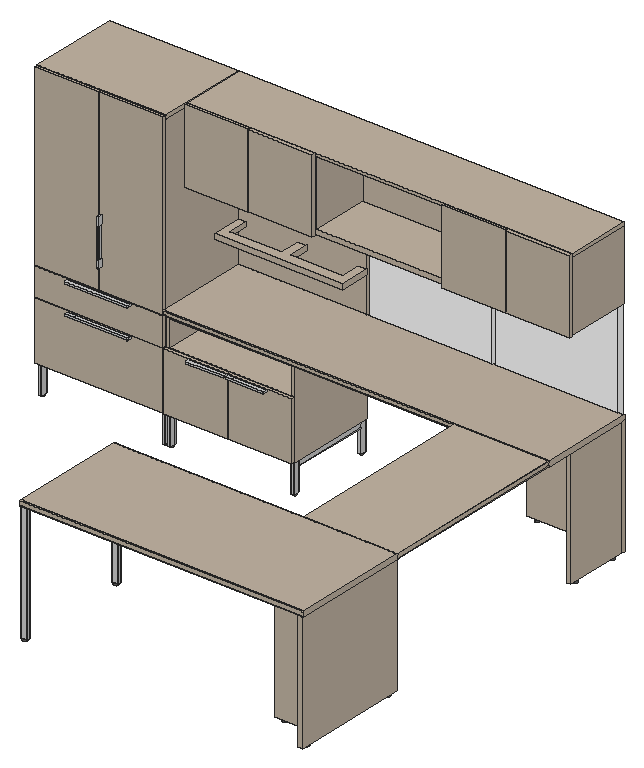
Revit family "FLT011", category Furniture, Revit 2019
Family settings
  OmniClass Number = 23.40.20.00
  OmniClass Title = General Furniture and Specialties
  Work Plane-Based = No
  Always vertical = Yes
  Cut with Voids When Loaded = No
  Shared = No
  Room Calculation Point = No
Reference planes (in)
  plane 1 "Center Front/Back": y = 0
  plane 2: z = 0
  plane 3 "Center Left/Right": x = 0
Dimensions and locks (in)
  aligned and locked: level to plane 2
Nested families (in)
  nested 1: "JSI-Flux-Rec_Tbl_Desk-Leg_Asmbly" at (-35.82762, -82.75, 0) x (-1, 0, 0) z (0, 0, 1), type "FLT2866PDNEP, 66 x 28 Pen Tbl Dsk, Laminate"
    with Width 5' - 6", Depth 2' - 3 1/2"
  nested 2: "JSI-Flux-Bridge" at (-10.46708, -58.06413, -1.18107) x (0, -1, 0) z (0, 0, 1), type "FLT2244EB, Bridge, Laminate"
    with Width 3' - 8"
  nested 3: "JSI-Flux- Lt_Pdst_Pm_Ht" at (-58.6252, -10.75, 0), type "FLT2230-29LM8, Pdst Opn Cmprt, Pm Ht, 2Dr, Laminate"
    with V_Void_Dist 0' - 0", Top Pull Height 1' - 1 31/64", Top Door no, Width 2' - 6", Single Door Line no, Shelf yes, Right Pull Dist 1' - 3 7/32", M8 yes, M5 no, Leg Width 2' - 6", Left Pull Dist 1' - 2 25/32", Grommet Dist 2' - 7", Db Doors Line yes, Bottom Pull Dist 0' - 10 37/64", Bottom Pull no
  nested 4: "JSI-Flux-Modular_Top" at (-53.65295, -10.75, 0), type "FLT2290MCT,  22 x 90 Mod Cred Top, Sec Sup, Laminate"
    with Width 7' - 6"
  nested 5: "JSI-Flux-Wall_Mount_OH_Cab_Opn_Compt" at (-53.63685, -10.75, 23.21069), type "FLT1690-17WSMO,Wall Mount OH Cab Opn Cntr, 4 Dr, Laminate"
    with Width 7' - 5 7/8", Partition Distance_R 2' - 5 9/16", Partition Distance_L 2' - 5 9/16", Door Width 1' - 2 7/8", Door Array Distance 1' - 3"
  nested 6: "JSI-Flux-Wall_Mount_Tack_Panel" at (5.5919, -8.47343, -1.05673), type "FLB3024WT, Wall Mount Tack Panel"
    with Width 2' - 6", Height 2' - 0", Depth 0' - 1.56"
  nested 7: "JSI-Flux-Workwall_Panel" at (-53.63685, -9.28593, -1.05063), type "FLT3024WPFF, Workwall Panel File Shelf, Laminate"
    with Width 2' - 6", Tray no, Tray_V_Dist 0' - 10 17/32", Tr no, Support Width 1' - 6", Tray_H_Dist 0' - 8 1/32", R_Bracket_V_Dist 0' - 0", R_Bracket Dist 0' - 1 13/16", R_Bracket yes, L_Bracket_V_Dist 0' - 0", L_Bracket yes, Cup Dist 0' - 10 17/32", Cup_H_Dist 2' - 1", Cup no, Clip no, Clip Dist 1' - 7", L_Bracket Dist 0' - 1 13/16", Acc no
  nested 8: "JSI-Flux-Wb_Fls_Lg_Pm_Ht" at (-83.69935, -10.75, 0), type "FLT2230-69L6D, BF Strg Cab, Fls Lg, Laminate"
    with W yes, V_Void_Dist 0' - 2", V_Pull_R_L no, V_Pull_L_L yes, Top_V_Void_Dist 0' - 0", Top_Pull_Dist 0' - 7 21/32", Top_2_Pull_Dist 2' - 8 1/16", R_Vertical_Pull_Dist 1' - 3 7/8", Pull_Width 1' - 2 3/4", Partition no, Leg_Width 2' - 6 1/16", L_Vertical_Pull_Dist 1' - 3 5/16", Hngr_L no, Hanger_Dist 1' - 11 9/32", H_Void_Width 2' - 6 1/16", H_Void_Upper_Dist 0' - 2", H_Dist_V_Void 1' - 2 31/32", Top_Shelf_Width 2' - 4 1/2", Width 2' - 6 1/16", Partition Dist 1' - 11 9/32", H_Dist_Bottom_Shelf 0' - 0", F0 no, F no, Door Line yes, C_Shelf_Width 2' - 4 1/2", C_Pull_Dist 0' - 7 21/32", Bottom_Shelf_Width 2' - 4 1/2", Bottom_Pull_Dist 0' - 7 21/32"
  nested 9: "JSI-Flux-Wall_Mount_Tack_Panel" at (-23.63685, -8.50444, -1.06958), type "FLB3024WT, Wall Mount Tack Panel"
    with Width 2' - 6", Height 2' - 0", Depth 0' - 1.56"
  nested 10: "JSI-Flux-Md_Crdnz_Wg_End_Sup" at (-10.46708, -36.06413, 0) x (0, -1, 0) z (0, 0, 1), type "FLT2216WEAR, Md Crdnz Wg End Sup, R, Laminate"
    with Width 1' - 3 5/8", R yes, L no, End_Panel_Dist 0' - 0", Back_Panel_Width 1' - 2 3/4", Back_Panel_Dist 0' - 0 7/8"
Definition of nested family "JSI-Flux-Rec_Tbl_Desk-Leg_Asmbly"
  Parameters (values of type "Type Catalog Family -Table Desk Leg Asmbly")
    Worksurface = none
    Width = 5' - 0"
    URL = "www.jsifurniture.com"
    Type Comments = ""
    Series = "FLUX"  # constant formula
    Model = "FLT3466PDNEP"
    Material = ""
    Manufacturer = "JSI"  # constant formula
    Keynote = "12500"
    JSI Enviromental Website = "http://www.jsifurniture.com/jsi_sustainability_intro.php"
    Height = 2' - 5"
    Glides = none
    Frame = none
    Description = "66 X 34 Rectangular Peninsula Table Desk with End Leg Assembly and Panel End"
    Depth = 2' - 9 1/2"
    Chassis = none
    Assembly Code = "E2020200"
  Reference planes (in)
    plane 1: z = 0
    plane 2 "Center (Left/Right)": x = -36.06413
    plane 3: z = 29
    plane 4: z = 27.8125
    plane 5 "Center (Front/Back)": y = 10.75
    plane 6: z = 0.3125
    plane 7: y = -22.75
    plane 8: x = 23.93587
  Forms (in)
    Extrusion 1, solid, material <- "Chassis"
      sketch origin (84, 10.625, 0.3125) x (0, 1, 0) y (-1, 0, 0)
        loop
          line (0, 118.75163) -> (0, 119.93913) -> (-33.25, 119.93913) -> (-33.25, 118.75163) -> (-27.4375, 118.75163) -> (-27.4375, 108.75163) -> (-26.25, 108.75163) -> (-26.25, 118.75163) -> (-7, 118.75163) -> (-7, 108.75163) -> (-5.8125, 108.75163) -> (-5.8125, 118.75163) -> (0, 118.75163)
      from 0 to 27.5
    Extrusion 2, solid, material <- "Frame"
      sketch origin (84, 10.625, 0.3125) x (0, 1, 0) y (-1, 0, 0)
        loop
          line (0, 60.25163) -> (0, 61.50163)
          arc (0, 61.50163) -> (-0.03661, 61.59002) -> (-0.125, 61.62663) r 0.125
          line (-0.125, 61.62663) -> (-0.625, 61.62663)
          arc (-0.625, 61.62663) -> (-0.71339, 61.59002) -> (-0.75, 61.50163) r 0.125
          line (-0.75, 61.50163) -> (-0.75, 60.25163)
          arc (-0.75, 60.25163) -> (-0.71339, 60.16325) -> (-0.625, 60.12663) r 0.125
          line (-0.625, 60.12663) -> (-0.125, 60.12663)
          arc (-0.125, 60.12663) -> (-0.03661, 60.16325) -> (0, 60.25163) r 0.125
        loop
          line (-32.5, 60.25163) -> (-32.5, 61.50163)
          arc (-32.5, 61.50163) -> (-32.53661, 61.59002) -> (-32.625, 61.62663) r 0.125
          line (-32.625, 61.62663) -> (-33.125, 61.62663)
          arc (-33.125, 61.62663) -> (-33.21339, 61.59002) -> (-33.25, 61.50163) r 0.125
          line (-33.25, 61.50163) -> (-33.25, 60.25163)
          arc (-33.25, 60.25163) -> (-33.21339, 60.16325) -> (-33.125, 60.12663) r 0.125
          line (-33.125, 60.12663) -> (-32.625, 60.12663)
          arc (-32.625, 60.12663) -> (-32.53661, 60.16325) -> (-32.5, 60.25163) r 0.125
      from 0 to 27.5
    Extrusion 3, solid, material <- "Worksurface"
      sketch origin (0, 0, 0) x (0, 1, 0) y (0, 0, 1)
        loop
          arc (10.625, 27.8125) -> (10.71339, 27.84911) -> (10.75, 27.9375) r 0.125
          line (10.75, 27.9375) -> (10.75, 28.875)
          arc (10.75, 28.875) -> (10.71339, 28.96339) -> (10.625, 29) r 0.125
          line (10.625, 29) -> (-22.625, 29)
          arc (-22.625, 29) -> (-22.71339, 28.96339) -> (-22.75, 28.875) r 0.125
          line (-22.75, 28.875) -> (-22.75, 27.9375)
          arc (-22.75, 27.9375) -> (-22.71339, 27.84911) -> (-22.625, 27.8125) r 0.125
          line (-22.625, 27.8125) -> (10.625, 27.8125)
      from -36.06413 to 23.93587
    Extrusion 4, solid, material <- "Frame"
      sketch origin (0, 0, 0) x (1, 0, 0) y (0, 0, 1)
        loop
          arc (23.24837, 27.8125) -> (23.15998, 27.77589) -> (23.12337, 27.6875) r 0.125
          line (23.12337, 27.6875) -> (23.12337, 26.4375)
          arc (23.12337, 26.4375) -> (23.15998, 26.34911) -> (23.24837, 26.3125) r 0.125
          line (23.24837, 26.3125) -> (23.74837, 26.3125)
          arc (23.74837, 26.3125) -> (23.83675, 26.34911) -> (23.87337, 26.4375) r 0.125
          line (23.87337, 26.4375) -> (23.87337, 27.6875)
          arc (23.87337, 27.6875) -> (23.83675, 27.77589) -> (23.74837, 27.8125) r 0.125
          line (23.74837, 27.8125) -> (23.24837, 27.8125)
      from -9.875 to 21.875
    Extrusion 5, solid, material <- "Glides"
      sketch origin (0, 0, 0) x (1, 0, 0) y (0, 1, 0)
        loop
          circle (-35.34216, 8.87431) r 0.55846
        loop
          circle (-26.50726, 4.22173) r 0.55846
        loop
          circle (-35.34216, -20.87431) r 0.55846
        loop
          circle (-26.50726, -16.22173) r 0.55846
      from 0 to 0.3125
    Extrusion 6, solid, material <- "Glides"
      sketch origin (59, 0, 0) x (1, 0, 0) y (0, 1, 0)
        loop
          circle (-35.85735, 10.25072) r 0.55846
        loop
          circle (-35.85735, -22.25072) r 0.55846
      from 0 to 0.3125
  Lines and regions (in)
    symbolic lines
      curve 1: line (-36.06413, -22.75, 0) -> (23.93587, -22.75, 0)
      curve 2: line (-36.06413, 10.75, 0) -> (-36.06413, -22.75, 0)
      curve 3: line (23.93587, 10.75, 0) -> (-36.06413, 10.75, 0)
      curve 4: line (23.93587, -22.75, 0) -> (23.93587, 10.75, 0)
    symbolic lines, detail levels medium+fine
      curve 5: line (-35.93913, 10.625, 0) -> (-35.93913, -22.625, 0)
      curve 6: line (-34.75163, 10.625, 0) -> (-35.93913, 10.625, 0)
      curve 7: line (-34.75163, 4.8125, 0) -> (-34.75163, 10.625, 0)
      curve 8: line (-24.75163, 4.8125, 0) -> (-34.75163, 4.8125, 0)
      curve 9: line (-24.75163, 3.625, 0) -> (-24.75163, 4.8125, 0)
      curve 10: line (-34.75163, 3.625, 0) -> (-24.75163, 3.625, 0)
      curve 11: line (-34.75163, -15.625, 0) -> (-34.75163, 3.625, 0)
      curve 12: line (-24.75163, -15.625, 0) -> (-34.75163, -15.625, 0)
      curve 13: line (-24.75163, -16.8125, 0) -> (-24.75163, -15.625, 0)
      curve 14: line (-34.75163, -16.8125, 0) -> (-24.75163, -16.8125, 0)
      curve 15: line (-34.75163, -22.625, 0) -> (-34.75163, -16.8125, 0)
      curve 16: line (-35.93913, -22.625, 0) -> (-34.75163, -22.625, 0)
      curve 17: line (23.87337, 10.625, 0) -> (22.37337, 10.625, 0)
      curve 18: line (22.37337, 9.875, 0) -> (23.87337, 9.875, 0)
      curve 19: line (23.87337, 9.875, 0) -> (23.87337, 10.625, 0)
      curve 20: line (22.37337, 10.625, 0) -> (22.37337, 9.875, 0)
      curve 21: line (22.37337, -22.625, 0) -> (23.87337, -22.625, 0)
      curve 22: line (23.87337, -21.875, 0) -> (22.37337, -21.875, 0)
      curve 23: line (22.37337, -21.875, 0) -> (22.37337, -22.625, 0)
      curve 24: line (23.87337, -22.625, 0) -> (23.87337, -21.875, 0)
  Dimensions and locks (in)
    locked: plane 6 to level at 0.3125
    "Depth": plane 7 to plane 5 "Center (Front/Back)"
    locked: plane 3 to plane 4 at 1.1875
    plane 3 to level = 2' - 5"
    "Width": plane 2 "Center (Left/Right)" to plane 8
    Extrusion 2 sketch curve to Extrusion 2 sketch curve to plane 8 = 0' - 1 1/2" locked, 0' - 0 1/16" locked  (x2)
    Extrusion 2 sketch curve to Extrusion 2 sketch curve to plane 5 "Center (Front/Back)" = 0' - 0 3/4" locked, 0' - 0 1/8" locked
    Extrusion 2 sketch curve to Extrusion 2 sketch curve to plane 7 = 0' - 0 3/4" locked, 0' - 0 1/8" locked
    plane 2 "Center (Left/Right)" to Extrusion 1 sketch curve to Extrusion 1 sketch curve to Extrusion 1 sketch curve = 0' - 0 1/8" locked, 0' - 1 3/16" locked, 0' - 10" locked
    locked: Extrusion 1 sketch curve to plane 5 "Center (Front/Back)" at 0.125
    locked: plane 7 to Extrusion 1 sketch curve at 0.125
    plane 8 to Extrusion 4 sketch curve to Extrusion 4 sketch curve = 0' - 0 1/16" locked, 0' - 0 3/4" locked
    locked: plane 4 to Extrusion 4 sketch curve at 1.5
    Extrusion 5 sketch curve to Extrusion 5 sketch curve to plane 5 "Center (Front/Back)" = 0' - 4.65258" locked, 0' - 1.87569" locked
    Extrusion 5 sketch curve to Extrusion 5 sketch curve to plane 2 "Center (Left/Right)" = 0' - 8.8349" locked, 0' - 0.72197" locked
    plane 7 to Extrusion 5 sketch curve to Extrusion 5 sketch curve = 0' - 1.87569" locked, 0' - 4.65258" locked
    plane 2 "Center (Left/Right)" to Extrusion 5 sketch curve to Extrusion 5 sketch curve = 0' - 0.72197" locked, 0' - 8.8349" locked
    locked: Extrusion 6 sketch curve to plane 8 at 0.79322  (x2)
    locked: Extrusion 6 sketch curve to plane 5 "Center (Front/Back)" at 0.49928
    locked: plane 7 to Extrusion 6 sketch curve at 0.49928
    aligned and locked: level to plane 1
    aligned and locked: plane 4 to Extrusion 1
    aligned and locked: plane 4 to Extrusion 2
    aligned and locked: Extrusion 1 to plane 6
    aligned and locked: Extrusion 2 to plane 6
    aligned and locked: Extrusion 3 sketch curve to plane 5 "Center (Front/Back)"
    aligned and locked: plane 3 to Extrusion 3 sketch curve
    aligned and locked: Extrusion 3 sketch curve to plane 4
    aligned and locked: plane 7 to Extrusion 3 sketch curve
    aligned and locked: Extrusion 3 to plane 2 "Center (Left/Right)"
    aligned and locked: plane 8 to Extrusion 3
    aligned and locked: Extrusion 1 sketch curve to Extrusion 1 sketch curve  (x3)
    aligned and locked: Extrusion 4 sketch curve to plane 4
    aligned and locked: Extrusion 4 to Extrusion 2  (x2)
    aligned and locked: Extrusion 5 to level
    aligned and locked: plane 6 to Extrusion 5
    aligned and locked: curve 2 to plane 2 "Center (Left/Right)"
    aligned and locked: plane 8 to curve 4
    aligned and locked: curve 3 to plane 5 "Center (Front/Back)"
    aligned and locked: plane 7 to curve 1
    aligned and locked: curve 5 to Extrusion 1
    aligned and locked: curve 6 to Extrusion 1
    aligned and locked: curve 7 to Extrusion 1
    aligned and locked: curve 8 to Extrusion 1
    aligned and locked: curve 9 to Extrusion 1
    aligned and locked: curve 10 to Extrusion 1
    aligned and locked: curve 11 to Extrusion 1
    aligned and locked: curve 12 to Extrusion 1
    aligned and locked: curve 13 to Extrusion 1
    aligned and locked: curve 14 to Extrusion 1
    aligned and locked: curve 15 to Extrusion 1
    aligned and locked: curve 16 to Extrusion 1
    aligned and locked: curve 17 to Extrusion 2
    aligned and locked: curve 18 to Extrusion 2
    aligned and locked: curve 19 to Extrusion 2
    aligned and locked: curve 20 to Extrusion 2
    aligned and locked: curve 21 to Extrusion 2
    aligned and locked: curve 22 to Extrusion 2
    aligned and locked: curve 23 to Extrusion 2
    aligned and locked: curve 24 to Extrusion 2
  Automatic sketch dimensions
    Extrusion 1 sketch curve to plane 7 = 0' - 5 15/16"
    Extrusion 1 sketch curve to Extrusion 1 sketch curve = 0' - 1 3/16"  (x2)
    plane 5 "Center (Front/Back)" to Extrusion 1 sketch curve = 0' - 7 1/8"
    Extrusion 2 sketch curve to Extrusion 2 sketch curve = 0' - 0 1/8"  (x8)
    Extrusion 3 sketch curve to Extrusion 3 sketch curve = 0' - 0 1/8"  (x3)
    plane 4 to Extrusion 3 sketch curve = 0' - 0 1/8"
    Extrusion 4 sketch curve to Extrusion 4 sketch curve = 0' - 0 1/8"  (x4)
    radius of Extrusion 5 sketch curve = 0' - 0.55846"  (x4)
    radius of Extrusion 6 sketch curve = 0' - 0.55846"  (x2)
Definition of nested family "JSI-Flux-Bridge"
  Parameters (values of type "Type Catalog - Bridge")
    Width = 4' - 2"
    URL = "www.jsifurniture.com"
    Type Comments = ""
    TAG = "Open"
    Top = none
    Series = "FLUX"  # constant formula
    OH Elevation = 2' - 5"
    Model = ""
    Manufacturer = "JSI"  # constant formula
    Keynote = "12500"
    JSI Enviromental Website = "http://www.jsifurniture.com/jsi_sustainability_intro.php"
    Height = 0' - 1 3/16"
    Support Panels = none
    Description = ""
    Depth = 1' - 10"
    Assembly Code = "E2020200"
  Reference planes (in)
    plane 1: z = 0
    plane 2 "Center (Left/Right)": x = -36.06413
    plane 3 "Center (Front/Back)": y = 10.75
    plane 4: y = -11.25
    plane 5: z = 29
    plane 6: x = 13.93587
    plane 7: z = 30.1875
    plane 8: z = 28
    plane 9: y = 6.75
    plane 10: y = 2.75
    plane 11: y = -7.25
    plane 12: y = -3.25
  Forms (in)
    Extrusion 1, solid, material <- "Top"
      sketch origin (0, 0, 0) x (0, 1, 0) y (0, 0, 1)
        loop
          line (10.625, 30.1875) -> (-11.125, 30.1875)
          arc (-11.125, 30.1875) -> (-11.21339, 30.15089) -> (-11.25, 30.0625) r 0.125
          line (-11.25, 30.0625) -> (-11.25, 29.125)
          arc (-11.25, 29.125) -> (-11.21339, 29.03661) -> (-11.125, 29) r 0.125
          line (-11.125, 29) -> (10.625, 29)
          arc (10.625, 29) -> (10.71339, 29.03661) -> (10.75, 29.125) r 0.125
          line (10.75, 29.125) -> (10.75, 30.0625)
          arc (10.75, 30.0625) -> (10.71339, 30.15089) -> (10.625, 30.1875) r 0.125
      from -36.06413 to 13.93587
    Extrusion 2, solid, material <- "Support Panels"
      sketch origin (0, 0, 0) x (0, 1, 0) y (0, 0, 1)
        loop
          line (6.75, 29) -> (2.75, 29) -> (2.75, 28) -> (6.75, 28) -> (6.75, 29)
      from -36.06413 to 13.93587
    Extrusion 3, solid, material <- "Support Panels"
      sketch origin (0, 0, 0) x (0, 1, 0) y (0, 0, 1)
        loop
          line (-3.25, 29) -> (-7.25, 29) -> (-7.25, 28) -> (-3.25, 28) -> (-3.25, 29)
      from -36.06413 to 13.93587
  Lines and regions (in)
    symbolic lines
      curve 1: line (-36.06413, 10.75, 0) -> (-36.06413, -11.25, 0)
      curve 2: line (13.93587, 10.75, 0) -> (13.93587, -11.25, 0)
      curve 3: line (13.93587, 10.75, 0) -> (-36.06413, 10.75, 0)
      curve 4: line (13.93587, -11.25, 0) -> (-36.06413, -11.25, 0)
  Dimensions and locks (in)
    "Depth": plane 4 to plane 3 "Center (Front/Back)"
    "OH Elevation": plane 5 to plane 1
    "Width": plane 2 "Center (Left/Right)" to plane 6
    "Height": plane 7 to plane 5
    locked: plane 5 to plane 8 at 1
    plane 10 to plane 9 to plane 3 "Center (Front/Back)" = 0' - 4" locked, 0' - 4" locked
    plane 4 to plane 11 to plane 12 = 0' - 4" locked, 0' - 4" locked
    aligned and locked: level to plane 1
    aligned and locked: plane 7 to Extrusion 1 sketch curve
    aligned and locked: plane 5 to Extrusion 1 sketch curve
    aligned and locked: plane 3 "Center (Front/Back)" to Extrusion 1 sketch curve
    aligned and locked: plane 4 to Extrusion 1 sketch curve
    aligned and locked: Extrusion 1 to plane 2 "Center (Left/Right)"
    aligned and locked: plane 6 to Extrusion 1
    aligned and locked: plane 9 to Extrusion 2 sketch curve
    aligned and locked: plane 10 to Extrusion 2 sketch curve
    aligned and locked: plane 5 to Extrusion 2 sketch curve
    aligned and locked: plane 8 to Extrusion 2 sketch curve
    aligned and locked: plane 12 to Extrusion 3 sketch curve
    aligned and locked: plane 11 to Extrusion 3 sketch curve
    aligned and locked: plane 5 to Extrusion 3 sketch curve
    aligned and locked: plane 8 to Extrusion 3 sketch curve
    aligned and locked: Extrusion 2 to plane 2 "Center (Left/Right)"
    aligned and locked: Extrusion 3 to plane 2 "Center (Left/Right)"
    aligned and locked: plane 6 to Extrusion 2
    aligned and locked: plane 6 to Extrusion 3
    aligned and locked: curve 1 to plane 2 "Center (Left/Right)"
    aligned and locked: curve 2 to plane 6
    aligned and locked: curve 3 to plane 3 "Center (Front/Back)"
    aligned and locked: curve 4 to plane 4
  Automatic sketch dimensions
    Extrusion 1 sketch curve to plane 4 = 0' - 0 1/8"  (x2)
    plane 3 "Center (Front/Back)" to Extrusion 1 sketch curve = 0' - 0 1/8"  (x2)
Definition of nested family "JSI-Flux- Lt_Pdst_Pm_Ht"
  Parameters (values of type "Type Catalog - Lt  Pdst, Pm Ht")
    V_Void_Dist = if(M8, 0' 0", (if(M7, (if(Width > 1' 6", 0' 0", 0' 2")), 0' 2")))  # 0' - 2"
    Top Pull Height = if(M8, (Bottom Door Height + 0' 0 1/8" - 0' 0 13/64"), (Height - 0' 7 3/16" - 0' 0 1/8" - 0' 0 13/64"))  # 1' - 8 19/64"
    Top Pull = if(M0, 1 > 2, 2 > 1)  # yes
    Top Door Height = if(M5, Height - 0' 7 3/16" - Bottom Door Height - 0' 0 3/8", (if(M6, Height - 0' 7 3/16" - Bottom Door Height - 0' 0 3/8", (if(M8, Height - 0' 7 3/16" - Bottom Door Height - 0' 0 3/8", (Height - 0' 7 3/16" - 0' 0 1/4"))))))  # 0' - 6 11/16"
    Top Door = if(M0, 1 > 2, (if(M8, 1 > 2, 2 > 1)))  # yes
    Top = none
    Width = 3' - 0"
    URL = "www.jsifurniture.com"
    Type Comments = ""
    TAG = if(M5, "BF", (if(M6, "BF", (if(B, "Drawer", (if(M0, "Open", (if(M7, (if(Width > 1' 6", "2 Doors", "1 Door")), "2 Doors")))))))))  # "BF"
    Single Door Line = if(M8, 1 > 2, (if(M0, 1 > 2, (if(M7, (if(Width > 1' 6", 1 > 2, 2 > 1)), 2 > 1)))))  # yes
    Shelf Height = 0' - 6 13/16"  # constant formula
    Shelf Finish = none
    Shelf = if(B, 1 > 2, (if(M5, 1 > 2, 2 > 1)))  # no
    Series = "FLUX"  # constant formula
    Right Pull Dist = if(M5, ((Width - Pull width) / 2), (if(M6, ((Width - Pull width) / 2), (if(B, ((Width - Pull width) / 2), (if(M7, (if(Width > 1' 6", ((Width / 2) + 0' 0 7/32"), (if(L, Width - 0' 0 7/32" - Pull width, 0' 0 7/32")))), ((Width / 2) + 0' 0 7/32"))))))))  # 1' - 1 37/64"
    Pull width = if(M6, 1' 2 27/32", (if(B, 1' 2 27/32", 0' 8 27/32")))  # 0' - 8 27/32"
    Pull Finish = none
    Model = ""
    Manufacturer = "JSI"  # constant formula
    M8 = no
    M7 = no
    M6 = no
    M5 = yes
    M0 = no
    Legs = none
    Leg Width = Width  # 3' - 0"
    Leg Depth = Depth - 0' 0 3/4"  # 1' - 9 1/16"
    Left Pull Dist = if(M5, ((Width - Pull width) / 2) + Pull width, (if(M6, ((Width - Pull width) / 2) + Pull width, (if(B, ((Width - Pull width) / 2) + Pull width, (if(M7, (if(Width > 1' 6", ((Width / 2) - 0' 0 7/32"), (if(L, Width - 0' 0 7/32", 0' 0 7/32" + Pull width)))), ((Width / 2) - 0' 0 7/32"))))))))  # 1' - 10 27/64"
    L = no
    Keynote = "12500"
    JSI Enviromental Website = "http://www.jsifurniture.com/jsi_sustainability_intro.php"
    Height = 2' - 3 13/16"
    Grommet Dist = if(B, ((Width / 2) - 0' 3"), (if(M0, ((Width / 2) - 0' 3"), Width + 0' 1")))  # 3' - 1"
    Glides = none
    Door Lines = if(M0, 1 > 2, 2 > 1)  # yes
    Db Doors Line = if(M8, 2 > 1, (if(M0, 1 > 2, (if(M7, (if(Width > 1' 6", 2 > 1, 1 > 2)), 1 > 2)))))  # no
    Bottom Pull Dist = (Width - Pull width) / 2  # 1' - 1 37/64"
    Bottom Pull = if(M5, 2 > 1, (if(M6, 2 > 1, 1 > 2)))  # yes
    Bottom Door Height = if(M5, 1' 1 9/16", (if(M6, 1' 1 9/16", (if(M8, 1' 1 9/16", (Height - 0' 7 3/16" - 0' 0 1/8" - 0' 0 1/8"))))))  # 1' - 1 9/16"
    Bottom Door = if(M0, 1 > 2, 2 > 1)  # yes
    Back Panel = none
    Door Front = none
    Description = ""
    Depth = 1' - 9 13/16"
    Chassis = none
    B = no
    Assembly Code = "E2020200"
  Reference planes (in)
    plane 1: z = 0
    plane 2 "Center (Left/Right)": x = -36.06413
    plane 3 "Center (Front/Back)": y = 10.75
    plane 4: x = -31.06413
    plane 5: x = 4.93587
    plane 6: x = -30.31413
    plane 7: x = 4.18587
    plane 8: y = 10.6875
    plane 9: y = 9.9375
    plane 10: y = 8.75
    plane 11: y = -11.0625
    plane 12: y = -10.3125
    plane 13: y = -5.8125
    plane 14: y = 1.5625
    plane 15: y = 6.0625
    plane 16: x = -13.06413
    plane 17: z = 0.3125
    plane 18: z = 7.1875
    plane 19: z = 27.8125
    plane 20: z = 27.0625
    plane 21: z = 7.9375
    plane 22: z = 7.3125
    plane 23: z = 27.6875
    plane 24: z = 20.875
    plane 25: z = 21
    plane 26: z = 25.0625
    plane 27: z = 21
    plane 28: z = 20.25
    plane 29: x = -31.00163
    plane 30: x = 4.87337
    plane 31: y = 9.4375
    plane 32: y = 6.9375
    plane 33: x = 11.93587
    plane 34: x = 5.93587
    plane 35: z = 23.5
    plane 36: x = -13.12663
    plane 37: x = -13.00163
    plane 38: y = -12.3125
    plane 39: y = -13.3125
    plane 40: x = -8.64226
    plane 41: x = -17.48601
    plane 42: x = -17.48601
    plane 43: z = 27.48438
    plane 44: z = 20.67188
    plane 45: y = 0.21875
  Forms (in)
    Extrusion 1, solid, material <- "Chassis"
      sketch origin (0, 0, 0) x (1, 0, 0) y (0, 1, 0)
        loop
          line (-31.06413, 10.75) -> (-31.06413, -10.3125) -> (-30.31413, -10.3125) -> (-30.31413, 10.75) -> (-31.06413, 10.75)
      from 7.1875 to 27.8125
    Extrusion 2, solid, material <- "Chassis"
      sketch origin (0, 0, 0) x (1, 0, 0) y (0, 1, 0)
        loop
          line (4.18587, 10.75) -> (4.18587, -10.3125) -> (4.93587, -10.3125) -> (4.93587, 10.75) -> (4.18587, 10.75)
      from 7.1875 to 27.8125
    Extrusion 3, solid, material <- "Back Panel"
      sketch origin (0, 0, 0) x (1, 0, 0) y (0, 1, 0)
        loop
          line (4.18587, 9.9375) -> (4.18587, 10.6875) -> (-30.31413, 10.6875) -> (-30.31413, 9.9375) -> (4.18587, 9.9375)
      from 7.1875 to 27.8125
    Extrusion 4, solid, material <- "Door Front", visible <- "Bottom Door"
      sketch origin (0, 0, 0) x (1, 0, 0) y (0, 1, 0)
        loop
          line (4.87337, -10.3125) -> (-31.00163, -10.3125) -> (-31.00163, -11.0625) -> (4.87337, -11.0625) -> (4.87337, -10.3125)
      from 7.3125 to 20.875
    Extrusion 5, solid, material <- "Door Front", visible <- "Top Door"
      sketch origin (0, 0, 0) x (1, 0, 0) y (0, 1, 0)
        loop
          line (-31.00163, -10.3125) -> (-31.00163, -11.0625) -> (4.87337, -11.0625) -> (4.87337, -10.3125) -> (-31.00163, -10.3125)
      from 21 to 27.6875
    Extrusion 6, solid, material <- "Shelf Finish", visible <- "Shelf"
      sketch origin (0, 0, 0) x (1, 0, 0) y (0, 1, 0)
        loop
          line (-30.31413, 9.9375) -> (-30.31413, -10.3125) -> (4.18587, -10.3125) -> (4.18587, 9.9375) -> (-30.31413, 9.9375)
      from 20.25 to 21
    Extrusion 7, void
      sketch origin (0, 0, 0) x (1, 0, 0) y (0, 1, 0)
        loop
          line (5.93587, 8.4375) -> (5.93587, 7.9375)
          arc (5.93587, 7.9375) -> (6.22876, 7.23039) -> (6.93587, 6.9375) r 1
          line (6.93587, 6.9375) -> (10.93587, 6.9375)
          arc (10.93587, 6.9375) -> (11.64297, 7.23039) -> (11.93587, 7.9375) r 1
          line (11.93587, 7.9375) -> (11.93587, 8.4375)
          arc (11.93587, 8.4375) -> (11.64297, 9.14461) -> (10.93587, 9.4375) r 1
          line (10.93587, 9.4375) -> (6.93587, 9.4375)
          arc (6.93587, 9.4375) -> (6.22876, 9.14461) -> (5.93587, 8.4375) r 1
      from 20.25 to 21
    Extrusion 8, void
      sketch origin (0, 0, 0) x (1, 0, 0) y (0, 0, 1)
        loop
          line (6.93587, 21) -> (10.93587, 21)
          arc (10.93587, 21) -> (11.64297, 21.29289) -> (11.93587, 22) r 1
          line (11.93587, 22) -> (11.93587, 22.5)
          arc (11.93587, 22.5) -> (11.64297, 23.20711) -> (10.93587, 23.5) r 1
          line (10.93587, 23.5) -> (6.93587, 23.5)
          arc (6.93587, 23.5) -> (6.22876, 23.20711) -> (5.93587, 22.5) r 1
          line (5.93587, 22.5) -> (5.93587, 22)
          arc (5.93587, 22) -> (6.22876, 21.29289) -> (6.93587, 21) r 1
      from -10.75 to -9.9375
    Extrusion 9, void
      sketch origin (0, 0, 0) x (1, 0, 0) y (0, 1, 0)
        loop
          line (-13.12663, -12.3125) -> (-13.12663, -13.3125) -> (-13.00163, -13.3125) -> (-13.00163, -12.3125) -> (-13.12663, -12.3125)
      from 7.1875 to 27.8125
    Extrusion 10, solid, material <- "Top"
      sketch origin (0, 0, 0) x (0, 1, 0) y (0, 0, 1)
        loop
          line (6.0625, 27.8125) -> (1.5625, 27.8125) -> (1.5625, 27.0625) -> (6.0625, 27.0625) -> (6.0625, 27.8125)
      from -30.31413 to 4.18587
    Extrusion 11, solid, material <- "Top"
      sketch origin (0, 0, 0) x (0, 1, 0) y (0, 0, 1)
        loop
          line (-5.8125, 27.8125) -> (-10.3125, 27.8125) -> (-10.3125, 27.0625) -> (-5.8125, 27.0625) -> (-5.8125, 27.8125)
      from -30.31413 to 4.18587
    Extrusion 12, solid, material <- "Chassis"
      sketch origin (0, 0, 0) x (0, 1, 0) y (0, 0, 1)
        loop
          line (9.9375, 7.9375) -> (-10.3125, 7.9375) -> (-10.3125, 7.1875) -> (9.9375, 7.1875) -> (9.9375, 7.9375)
      from -30.31413 to 4.18587
  Cuts and joins
    Extrusion 7 cuts Extrusion 6
    Extrusion 8 cuts Extrusion 3
    Extrusion 9 cuts Extrusion 5
    Extrusion 9 cuts Extrusion 4
  Lines and regions (in)
    symbolic lines
      curve 1: line (-31.06413, 10.75, 0) -> (-31.06413, -10.3125, 0)
      curve 2: line (4.93587, 10.75, 0) -> (4.18587, 10.75, 0)
      curve 3: line (-30.31413, 10.75, 0) -> (-30.31413, 10.6875, 0)
      curve 4: line (4.18587, 10.6875, 0) -> (-30.31413, 10.6875, 0)
      curve 5: line (4.18587, 10.75, 0) -> (4.18587, 10.6875, 0)
      curve 6: line (4.93587, 10.75, 0) -> (4.93587, -10.3125, 0)
      curve 7: line (-30.31413, 10.75, 0) -> (-31.06413, 10.75, 0)
      curve 12: line (4.93587, -10.3125, 0) -> (-31.06413, -10.3125, 0)
    symbolic lines, visible <- "Db Doors Line"
      curve 8: line (4.87337, -11.0625, 0) -> (-13.00163, -11.0625, 0)
      curve 9: line (4.87337, -10.3125, 0) -> (4.87337, -11.0625, 0)
      curve 10: line (-13.12663, -10.3125, 0) -> (-13.12663, -11.0625, 0)
      curve 11: line (-13.00163, -10.3125, 0) -> (-13.00163, -11.0625, 0)
      curve 18: line (-13.12663, -10.3125, 0) -> (-13.12663, -11.0625, 0)
      curve 20: line (-13.00163, -10.3125, 0) -> (-13.00163, -11.0625, 0)
    symbolic lines, detail levels medium+fine
      curve 13: line (-30.31413, 9.9375, 0) -> (-30.31413, -10.3125, 0)
      curve 14: line (4.18587, 9.9375, 0) -> (-30.31413, 9.9375, 0)
      curve 15: line (4.18587, 9.9375, 0) -> (4.18587, -10.3125, 0)
    symbolic lines, visible <- "Door Lines"
      curve 16: line (-13.12663, -11.0625, 0) -> (-31.00163, -11.0625, 0)
      curve 17: line (-31.00163, -10.3125, 0) -> (-31.00163, -11.0625, 0)
      curve 19: line (4.87337, -11.0625, 0) -> (-13.00163, -11.0625, 0)
      curve 21: line (4.87337, -10.3125, 0) -> (4.87337, -11.0625, 0)
    symbolic lines, visible <- "Single Door Line"
      curve 22: line (-13.12663, -11.0625, 0) -> (-13.00163, -11.0625, 0)
  Dimensions and locks (in)
    "Depth": plane 11 to plane 3 "Center (Front/Back)"
    "Width": plane 4 to plane 5
    locked: plane 4 to plane 6 at 0.75
    locked: plane 7 to plane 5 at 0.75
    plane 10 to plane 9 to plane 8 to plane 3 "Center (Front/Back)" = 0' - 1 3/16" locked, 0' - 0 3/4" locked, 0' - 0 1/16" locked
    plane 11 to plane 12 to plane 13 = 0' - 0 3/4" locked, 0' - 4 1/2" locked
    locked: plane 14 to plane 15 at 4.5
    locked: plane 13 to plane 14 at 7.375
    equal spacing: plane 4, plane 16, plane 5
    "Height": plane 19 to plane 1
    locked: plane 19 to plane 20 at 0.75
    locked: plane 19 to plane 23 at 0.125
    locked: plane 21 to plane 18 at 0.75
    locked: plane 22 to plane 18 at 0.125
    locked: plane 18 to plane 17 at 6.875
    locked: plane 17 to plane 1 at 0.3125
    "Bottom Door Height": plane 24 to plane 22
    "Top Door Height": plane 23 to plane 25
    locked: plane 19 to plane 26 at 2.75
    locked: plane 27 to plane 28 at 0.75
    "Shelf Height": plane 19 to plane 27
    locked: plane 4 to plane 29 at 0.0625
    locked: plane 30 to plane 5 at 0.0625
    plane 32 to plane 31 to plane 3 "Center (Front/Back)" = 0' - 2 1/2" locked, 0' - 1 5/16" locked
    locked: plane 34 to plane 33 at 6
    "Grommet Dist": plane 4 to plane 34
    locked: plane 35 to plane 27 at 2.5
    plane 36 to plane 16 to plane 37 = 0' - 0 1/16" locked, 0' - 0 1/16" locked
    locked: plane 39 to plane 38 at 1
    "V_Void_Dist": plane 38 to plane 12
    locked: plane 24 to plane 44 at 0.20312
    "Top Pull Height": plane 43 to plane 18
    "Left Pull Dist": plane 4 to plane 40
    "Right Pull Dist": plane 4 to plane 41
    "Bottom Pull Dist": plane 4 to plane 42
    equal spacing: plane 12, plane 45, plane 3 "Center (Front/Back)"
    radius of Extrusion 8 sketch curve = 0' - 1"  (x4)
    aligned and locked: level to plane 1
    aligned and locked: Extrusion 1 sketch curve to plane 4
    aligned and locked: Extrusion 1 sketch curve to plane 6
    aligned and locked: Extrusion 1 sketch curve to plane 3 "Center (Front/Back)"
    aligned and locked: Extrusion 1 sketch curve to plane 12
    aligned and locked: Extrusion 2 sketch curve to plane 7
    aligned and locked: Extrusion 2 sketch curve to plane 5
    aligned and locked: Extrusion 2 sketch curve to plane 3 "Center (Front/Back)"
    aligned and locked: Extrusion 2 sketch curve to plane 12
    aligned and locked: Extrusion 3 sketch curve to plane 9
    aligned and locked: Extrusion 3 sketch curve to plane 8
    aligned and locked: Extrusion 3 sketch curve to plane 6
    aligned and locked: Extrusion 3 sketch curve to plane 7
    aligned and locked: plane 19 to Extrusion 1
    aligned and locked: plane 19 to Extrusion 2
    aligned and locked: plane 19 to Extrusion 3
    aligned and locked: Extrusion 1 to plane 18
    aligned and locked: Extrusion 2 to plane 18
    aligned and locked: Extrusion 3 to plane 18
    aligned and locked: Extrusion 4 sketch curve to plane 12
    aligned and locked: Extrusion 4 sketch curve to plane 11
    aligned and locked: Extrusion 4 sketch curve to plane 29
    aligned and locked: Extrusion 4 sketch curve to plane 30
    aligned and locked: plane 24 to Extrusion 4
    aligned and locked: Extrusion 4 to plane 22
    aligned and locked: Extrusion 5 sketch curve to plane 29
    aligned and locked: Extrusion 5 sketch curve to plane 12
    aligned and locked: Extrusion 5 sketch curve to plane 11
    aligned and locked: Extrusion 5 sketch curve to plane 30
    aligned and locked: plane 23 to Extrusion 5
    aligned and locked: Extrusion 5 to plane 25
    aligned and locked: Extrusion 6 sketch curve to plane 6
    aligned and locked: Extrusion 6 sketch curve to plane 7
    aligned and locked: Extrusion 6 sketch curve to plane 9
    aligned and locked: plane 27 to Extrusion 6
    aligned and locked: Extrusion 6 to plane 28
    aligned and locked: Extrusion 7 sketch curve to plane 34
    aligned and locked: Extrusion 7 sketch curve to plane 33
    aligned and locked: Extrusion 7 sketch curve to plane 31
    aligned and locked: Extrusion 7 sketch curve to plane 32
    aligned and locked: plane 27 to Extrusion 7
    aligned and locked: Extrusion 7 to plane 28
    aligned and locked: Extrusion 8 sketch curve to plane 27
    aligned and locked: Extrusion 8 sketch curve to plane 35
    aligned and locked: Extrusion 8 sketch curve to plane 34
    aligned and locked: Extrusion 8 sketch curve to plane 33
    aligned and locked: Extrusion 8 to plane 3 "Center (Front/Back)"
    aligned and locked: plane 9 to Extrusion 8
    aligned and locked: Extrusion 9 sketch curve to plane 36
    aligned and locked: Extrusion 9 sketch curve to plane 37
    aligned and locked: Extrusion 9 sketch curve to plane 38
    aligned and locked: Extrusion 9 sketch curve to plane 39
    aligned and locked: plane 19 to Extrusion 9
    aligned and locked: Extrusion 9 to plane 18
    aligned and locked: plane 15 to Extrusion 10 sketch curve
    aligned and locked: plane 14 to Extrusion 10 sketch curve
    aligned and locked: plane 20 to Extrusion 10 sketch curve
    aligned and locked: plane 19 to Extrusion 10 sketch curve
    aligned and locked: plane 13 to Extrusion 11 sketch curve
    aligned and locked: plane 12 to Extrusion 11 sketch curve
    aligned and locked: plane 19 to Extrusion 11 sketch curve
    aligned and locked: plane 20 to Extrusion 11 sketch curve
    aligned and locked: Extrusion 10 to plane 6
    aligned and locked: Extrusion 11 to plane 6
    aligned and locked: plane 7 to Extrusion 11
    aligned and locked: plane 7 to Extrusion 10
    aligned and locked: plane 40 to nested 1
    aligned and locked: plane 11 to nested 1
    aligned and locked: plane 11 to nested 2
    aligned and locked: nested 2 to plane 42
    aligned and locked: plane 43 to nested 1
    aligned and locked: plane 44 to nested 2
    aligned and locked: plane 12 to cut or joined group of Extrusion 6, Extrusion 7
    aligned and locked: plane 9 to Extrusion 12 sketch curve
    aligned and locked: plane 21 to Extrusion 12 sketch curve
    aligned and locked: plane 18 to Extrusion 12 sketch curve
    aligned and locked: Extrusion 12 to plane 6
    aligned and locked: plane 7 to Extrusion 12
    aligned and locked: plane 16 to nested 3
    aligned and locked: nested 3 to plane 45
    aligned and locked: plane 18 to nested 3
    aligned and locked: nested 3 to plane 1
    aligned and locked: curve 1 to plane 4
    aligned and locked: curve 2 to plane 3 "Center (Front/Back)"
    aligned and locked: curve 3 to plane 6
    aligned and locked: curve 4 to plane 8
    aligned and locked: curve 5 to plane 7
    aligned and locked: curve 6 to plane 5
    aligned and locked: curve 9 to plane 30
    aligned and locked: plane 12 to curve 9
    aligned and locked: curve 12 to plane 12
    aligned and locked: curve 13 to plane 6
    aligned and locked: curve 14 to plane 9
    aligned and locked: curve 15 to plane 7
    aligned and locked: plane 16 to nested 4
    aligned and locked: plane 11 to nested 4
    aligned and locked: curve 16 to plane 11
    aligned and locked: curve 19 to plane 11
    aligned and locked: Extrusion 12 sketch curve to plane 12
    aligned and locked: plane 11 to nested 5
    aligned and locked: nested 5 to plane 41
    aligned and locked: plane 44 to nested 5
  Automatic sketch dimensions
    plane 34 to Extrusion 7 sketch curve = 0' - 1"
    Extrusion 7 sketch curve to Extrusion 7 sketch curve = 0' - 0"
    Extrusion 7 sketch curve to plane 33 = 0' - 1"
    plane 10 to Extrusion 7 sketch curve = 0' - 0 5/16"
    plane 12 to Extrusion 6 sketch curve = 0' - 0"
    curve 16 to plane 29 = 0' - 0"
    curve 22 to plane 36 = 0' - 0"
    curve 22 to plane 37 = 0' - 0"
    plane 3 "Center (Front/Back)" to curve 7 = 0' - 0"
  Nested families (in)
    nested 1: "Bar Pull CL" at (-16.30626, -11.0625, 27.48438), Pull Finish <- "Pull Finish", visible <- "Top Pull", Pull Line <- "Top Pull", type "PL"
      with Pull Line yes, Pull Finish none
    nested 2: "Bar Pull CL" at (-16.30626, -11.0625, 20.67188), Pull Finish <- "Pull Finish", visible <- "Bottom Pull", Pull Line <- "Bottom Pull", type "PL"
      with Pull Line yes, Pull Finish none
    nested 3: "LEGS" at (-31.06413, 10.75, 0), LEGS <- "Legs", GLIDES <- "Glides", Depth <- "Leg Depth", Width <- "Leg Width", type "LG"
      with Width 3' - 0", LG yes, LEGS none, GLIDES none, Depth 1' - 9 1/16"
    nested 4: "Label 1-16" at (-13.06413, -11.0625, 0), type "DRWCFG"
    nested 5: "Bar Pull CL" at (-16.30626, -11.0625, 20.67188), Pull Finish <- "Pull Finish", visible <- "Top Pull", Pull Line <- "Top Pull", type "PL"
      with Pull Line yes, Pull Finish none
  Definition of nested family "Bar Pull CL"
    Parameters
      Stud = Pull Width / 7  # 0' - 1.26339"
      Pull Width = 0' - 8 27/32"
      Pull Line [instance] = yes
      Pull Finish [instance] = none
    Reference planes (in)
      plane 1 "Center Front/Back": y = 0
      plane 2: z = 0
      plane 3 "Center Left/Right": x = 3.24213
    Forms (in)
      Extrusion 1, solid, material <- "Pull Finish"
        sketch origin (0, 0, 0) x (1, 0, 0) y (0, 1, 0)
          loop
            line (-1.17975, 0) -> (-1.17975, -0.85113)
            arc (-1.17975, -0.85113) -> (-1.15229, -0.91742) -> (-1.086, -0.94488) r 0.09375
            line (-1.086, -0.94488) -> (7.58526, -0.94488)
            arc (7.58526, -0.94488) -> (7.64094, -0.92182) -> (7.664, -0.86614) r 0.07874
            line (7.664, -0.86614) -> (7.664, 0) -> (6.40061, 0) -> (6.40061, -0.70177)
            arc (6.40061, -0.70177) -> (6.364, -0.79016) -> (6.27561, -0.82677) r 0.125
            line (6.27561, -0.82677) -> (0.20864, -0.82677)
            arc (0.20864, -0.82677) -> (0.12026, -0.79016) -> (0.08364, -0.70177) r 0.125
            line (0.08364, -0.70177) -> (0.08364, 0) -> (-1.17975, 0)
        from -0.43307 to -0.11811
      Extrusion 2, solid, material <- "Pull Finish"
        sketch origin (0, 0, 0) x (1, 0, 0) y (0, 1, 0)
          loop
            line (-1.17975, 0) -> (-1.17975, -0.85113)
            arc (-1.17975, -0.85113) -> (-1.15229, -0.91742) -> (-1.086, -0.94488) r 0.09375
            line (-1.086, -0.94488) -> (7.58526, -0.94488)
            arc (7.58526, -0.94488) -> (7.64094, -0.92182) -> (7.664, -0.86614) r 0.07874
            line (7.664, -0.86614) -> (7.664, 0) -> (-1.17975, 0)
        from 0 to -0.11811
    Cuts and joins
      joined: Extrusion 1, Extrusion 2
    Lines and regions (in)
      symbolic lines, visible <- "Pull Line"
        curve 1: line (-1.17975, 0, 0) -> (-1.17975, -0.85113, 0)
        curve 2: line (7.664, -0.86614, 0) -> (7.664, 0, 0)
        curve 3: line (-1.086, -0.94488, 0) -> (7.58526, -0.94488, 0)
        curve 4: arc (-1.17975, -0.85113, 0) -> (-1.15229, -0.91742, 0) -> (-1.086, -0.94488, 0) r 0.09375
        curve 5: arc (7.58526, -0.94488, 0) -> (7.64094, -0.92182, 0) -> (7.664, -0.86614, 0) r 0.07874
    Dimensions and locks (in)
      equal spacing: Extrusion 1 sketch curve, plane 3 "Center Left/Right", Extrusion 1 sketch curve
      "Stud": Extrusion 1 sketch curve to Extrusion 1 sketch curve  (x2)
      "Pull Width": Extrusion 1 sketch curve to Extrusion 1 sketch curve
      aligned and locked: level to plane 2
      aligned and locked: Extrusion 2 sketch curve to Extrusion 1  (x2)
      aligned and locked: cut or joined group of Extrusion 1, Extrusion 2 to curve 1
      aligned and locked: curve 4 to cut or joined group of Extrusion 1, Extrusion 2
      aligned and locked: curve 5 to cut or joined group of Extrusion 1, Extrusion 2
      aligned and locked: plane 1 "Center Front/Back" to curve 1
      aligned and locked: plane 1 "Center Front/Back" to curve 2
    Automatic sketch dimensions
      plane 1 "Center Front/Back" to Extrusion 2 sketch curve = 0' - 0"
      plane 1 "Center Front/Back" to Extrusion 1 sketch curve = 0' - 0"  (x2)
      Extrusion 1 sketch curve to Extrusion 1 sketch curve = 0' - 0 3/32"
      Extrusion 1 sketch curve to Extrusion 1 sketch curve = 0' - 0 1/8"  (x2)
      Extrusion 1 sketch curve to Extrusion 1 sketch curve = 0' - 0.07874"
      plane 1 "Center Front/Back" to Extrusion 1 sketch curve = 0' - 0.70177"
      plane 1 "Center Front/Back" to Extrusion 1 sketch curve = 0' - 0.85113"
  Definition of nested family "LEGS"
    Parameters
      Width [instance] = 2' - 6"
      LG [instance] = yes
      LEGS [instance] = none
      GLIDES [instance] = none
      Depth [instance] = 1' - 9 3/32"
    Reference planes (in)
      plane 1 "Center Front/Back": y = 0
      plane 2: z = 0
      plane 3 "Center Left/Right": x = 0
      plane 4: x = 30
      plane 5: y = -21.09375
      plane 6: x = 0.21441
      plane 7: x = 0.96441
      plane 8: x = 29.03125
      plane 9: x = 29.78125
      plane 10: z = 7.1875
      plane 11: y = -0.0625
      plane 12: y = -1.5625
      plane 13: y = -19.53125
      plane 14: y = -21.03125
      plane 15: y = -10.54687
      plane 16: x = 15
      plane 17: z = 0.30625
    Forms (in)
      Extrusion 1, solid, material <- "LEGS", visible <- "LG"
        sketch origin (0, 0, 0) x (1, 0, 0) y (0, 1, 0)
          loop
            arc (0.33941, -0.0625) -> (0.25102, -0.09911) -> (0.21441, -0.1875) r 0.125
            line (0.21441, -0.1875) -> (0.21441, -1.4375)
            arc (0.21441, -1.4375) -> (0.25102, -1.52589) -> (0.33941, -1.5625) r 0.125
            line (0.33941, -1.5625) -> (0.83941, -1.5625)
            arc (0.83941, -1.5625) -> (0.9278, -1.52589) -> (0.96441, -1.4375) r 0.125
            line (0.96441, -1.4375) -> (0.96441, -0.1875)
            arc (0.96441, -0.1875) -> (0.9278, -0.09911) -> (0.83941, -0.0625) r 0.125
            line (0.83941, -0.0625) -> (0.33941, -0.0625)
          loop
            arc (29.15625, -0.0625) -> (29.06786, -0.09911) -> (29.03125, -0.1875) r 0.125
            line (29.03125, -0.1875) -> (29.03125, -1.4375)
            arc (29.03125, -1.4375) -> (29.06786, -1.52589) -> (29.15625, -1.5625) r 0.125
            line (29.15625, -1.5625) -> (29.65625, -1.5625)
            arc (29.65625, -1.5625) -> (29.74464, -1.52589) -> (29.78125, -1.4375) r 0.125
            line (29.78125, -1.4375) -> (29.78125, -0.1875)
            arc (29.78125, -0.1875) -> (29.74464, -0.09911) -> (29.65625, -0.0625) r 0.125
            line (29.65625, -0.0625) -> (29.15625, -0.0625)
          loop
            arc (29.15625, -19.53125) -> (29.06786, -19.56786) -> (29.03125, -19.65625) r 0.125
            line (29.03125, -19.65625) -> (29.03125, -20.90625)
            arc (29.03125, -20.90625) -> (29.06786, -20.99464) -> (29.15625, -21.03125) r 0.125
            line (29.15625, -21.03125) -> (29.65625, -21.03125)
            arc (29.65625, -21.03125) -> (29.74464, -20.99464) -> (29.78125, -20.90625) r 0.125
            line (29.78125, -20.90625) -> (29.78125, -19.65625)
            arc (29.78125, -19.65625) -> (29.74464, -19.56786) -> (29.65625, -19.53125) r 0.125
            line (29.65625, -19.53125) -> (29.15625, -19.53125)
          loop
            arc (0.33941, -19.53125) -> (0.25102, -19.56786) -> (0.21441, -19.65625) r 0.125
            line (0.21441, -19.65625) -> (0.21441, -20.90625)
            arc (0.21441, -20.90625) -> (0.25102, -20.99464) -> (0.33941, -21.03125) r 0.125
            line (0.33941, -21.03125) -> (0.83941, -21.03125)
            arc (0.83941, -21.03125) -> (0.9278, -20.99464) -> (0.96441, -20.90625) r 0.125
            line (0.96441, -20.90625) -> (0.96441, -19.65625)
            arc (0.96441, -19.65625) -> (0.9278, -19.56786) -> (0.83941, -19.53125) r 0.125
            line (0.83941, -19.53125) -> (0.33941, -19.53125)
        from 0.30625 to 7.1875
      Extrusion 2, solid, material <- "LEGS", visible <- "LG"
        sketch origin (0, 0, 0) x (1, 0, 0) y (0, 0, 1)
          loop
            line (0.33941, 5.6875) -> (0.83941, 5.6875)
            arc (0.83941, 5.6875) -> (0.9278, 5.72411) -> (0.96441, 5.8125) r 0.125
            line (0.96441, 5.8125) -> (0.96441, 7.0625)
            arc (0.96441, 7.0625) -> (0.9278, 7.15089) -> (0.83941, 7.1875) r 0.125
            line (0.83941, 7.1875) -> (0.33941, 7.1875)
            arc (0.33941, 7.1875) -> (0.25102, 7.15089) -> (0.21441, 7.0625) r 0.125
            line (0.21441, 7.0625) -> (0.21441, 5.8125)
            arc (0.21441, 5.8125) -> (0.25102, 5.72411) -> (0.33941, 5.6875) r 0.125
          loop
            line (29.15625, 5.6875) -> (29.65625, 5.6875)
            arc (29.65625, 5.6875) -> (29.74464, 5.72411) -> (29.78125, 5.8125) r 0.125
            line (29.78125, 5.8125) -> (29.78125, 7.0625)
            arc (29.78125, 7.0625) -> (29.74464, 7.15089) -> (29.65625, 7.1875) r 0.125
            line (29.65625, 7.1875) -> (29.15625, 7.1875)
            arc (29.15625, 7.1875) -> (29.06786, 7.15089) -> (29.03125, 7.0625) r 0.125
            line (29.03125, 7.0625) -> (29.03125, 5.8125)
            arc (29.03125, 5.8125) -> (29.06786, 5.72411) -> (29.15625, 5.6875) r 0.125
        from 1.5625 to 19.53125
      Extrusion 3, solid, material <- "LEGS", visible <- "LG"
        sketch origin (0, 0, 0) x (0, 1, 0) y (0, 0, 1)
          loop
            line (-10.03125, 6.9375) -> (-11.0625, 6.9375)
            arc (-11.0625, 6.9375) -> (-11.15089, 6.90089) -> (-11.1875, 6.8125) r 0.125
            line (-11.1875, 6.8125) -> (-11.1875, 5.8125)
            arc (-11.1875, 5.8125) -> (-11.15089, 5.72411) -> (-11.0625, 5.6875) r 0.125
            line (-11.0625, 5.6875) -> (-10.03125, 5.6875)
            arc (-10.03125, 5.6875) -> (-9.94286, 5.72411) -> (-9.90625, 5.8125) r 0.125
            line (-9.90625, 5.8125) -> (-9.90625, 6.8125)
            arc (-9.90625, 6.8125) -> (-9.94286, 6.90089) -> (-10.03125, 6.9375) r 0.125
        from 0.96441 to 29.03125
      Extrusion 4, solid, material <- "GLIDES", visible <- "LG"
        sketch origin (0, 0, 0) x (1, 0, 0) y (0, 1, 0)
          loop
            circle (0.58941, -0.8125) r 0.375
          loop
            circle (0.58941, -20.25) r 0.375
          loop
            circle (29.41059, -0.8125) r 0.375
          loop
            circle (29.41059, -20.25) r 0.375
        from 0 to 0.30625
    Dimensions and locks (in)
      "Width": plane 3 "Center Left/Right" to plane 4
      "Depth": plane 1 "Center Front/Back" to plane 5
      plane 13 to plane 14 to plane 5 = 0' - 1 1/2" locked, 0' - 0 1/16" locked
      plane 1 "Center Front/Back" to plane 11 to plane 12 = 0' - 0 1/16" locked, 0' - 1 1/2" locked
      plane 3 "Center Left/Right" to plane 6 to plane 7 = 0' - 0.21441" locked, 0' - 0 3/4" locked
      plane 8 to plane 9 to plane 4 = 0' - 0 3/4" locked, 0' - 0 7/32" locked
      locked: plane 10 to Extrusion 2 sketch curve at 1.5  (x2)
      plane 10 to Extrusion 3 sketch curve to Extrusion 3 sketch curve = 0' - 0 1/4" locked, 0' - 1 1/4" locked
      equal spacing: plane 3 "Center Left/Right", plane 16, plane 4
      equal spacing: plane 5, plane 15, plane 1 "Center Front/Back"
      equal spacing: Extrusion 3 sketch curve, plane 15, Extrusion 3 sketch curve, locked at 0.64063 each
      locked: plane 13 to Extrusion 4 sketch curve at 0.71875  (x2)
      locked: Extrusion 4 sketch curve to plane 7 at 0.375  (x2)
      locked: Extrusion 4 sketch curve to plane 12 at 0.75  (x2)
      locked: plane 8 to Extrusion 4 sketch curve at 0.37934  (x2)
      plane 10 to plane 17 to plane 2 = 0' - 6.88125" locked, 0' - 0.30625" locked
      aligned and locked: level to plane 2
      aligned and locked: Extrusion 1 sketch curve to plane 11  (x2)
      aligned and locked: plane 6 to Extrusion 1 sketch curve
      aligned and locked: plane 12 to Extrusion 1 sketch curve  (x2)
      aligned and locked: Extrusion 1 sketch curve to plane 7  (x2)
      aligned and locked: plane 8 to Extrusion 1 sketch curve  (x2)
      aligned and locked: Extrusion 1 sketch curve to plane 9  (x2)
      aligned and locked: Extrusion 1 sketch curve to plane 13  (x2)
      aligned and locked: plane 14 to Extrusion 1 sketch curve  (x2)
      aligned and locked: Extrusion 2 sketch curve to plane 6
      aligned and locked: plane 7 to Extrusion 2 sketch curve
      aligned and locked: plane 10 to Extrusion 2 sketch curve  (x2)
      aligned and locked: Extrusion 2 sketch curve to plane 8
      aligned and locked: plane 9 to Extrusion 2 sketch curve
      aligned and locked: plane 10 to Extrusion 1
      aligned and locked: plane 12 to Extrusion 2
      aligned and locked: Extrusion 2 to plane 13
      aligned and locked: Extrusion 3 to plane 7
      aligned and locked: plane 8 to Extrusion 3
      aligned and locked: Extrusion 1 to plane 17
      aligned and locked: Extrusion 4 to level
      aligned and locked: plane 17 to Extrusion 4
    Automatic sketch dimensions
      Extrusion 1 sketch curve to plane 6 = 0' - 0"
      Extrusion 1 sketch curve to Extrusion 1 sketch curve = 0' - 0 1/8"  (x7)
      plane 6 to Extrusion 1 sketch curve = 0' - 0 1/8"  (x2)
      Extrusion 1 sketch curve to plane 7 = 0' - 0 1/8"  (x2)
      plane 8 to Extrusion 1 sketch curve = 0' - 0 1/8"  (x4)
      Extrusion 1 sketch curve to plane 9 = 0' - 0 1/8"
      plane 6 to Extrusion 2 sketch curve = 0' - 0 1/8"  (x2)
      Extrusion 2 sketch curve to plane 7 = 0' - 0 1/8"
      Extrusion 2 sketch curve to Extrusion 2 sketch curve = 0' - 0 1/8"  (x2)
      plane 8 to Extrusion 2 sketch curve = 0' - 0 1/8"  (x2)
      Extrusion 2 sketch curve to plane 9 = 0' - 0 1/8"
      Extrusion 3 sketch curve to Extrusion 3 sketch curve = 0' - 0 1/8"  (x3)
      Extrusion 3 sketch curve to Extrusion 3 sketch curve = 0' - 0"
      Extrusion 3 sketch curve to plane 15 = 0' - 0 41/64"
      radius of Extrusion 4 sketch curve = 0' - 0 3/8"  (x4)
  Definition of nested family "Label 1-16"
    Parameters
      Model Name = "BF - BF - BF"
    Reference planes (in)
      plane 1: y = 0
      plane 2: x = 0
    Text (in)
      label "XX" at (0.00051, -0.12324, 0), shows "Model Name"
Definition of nested family "JSI-Flux-Modular_Top"
  Parameters (values of type "Type Catalog Family - Credenza Top")
    Worksurface = none
    Width = 1' - 6"
    URL = "www.jsifurniture.com"
    Type Comments = ""
    Series = "FLUX"  # constant formula
    Model = "FLT2118MCT"
    Material = ""
    Manufacturer = "JSI"  # constant formula
    Keynote = "12500"
    JSI Enviromental Website = "http://www.jsifurniture.com/jsi_sustainability_intro.php"
    Height = 2' - 5"
    Description = "Credenza Top, Depth 22”, Width 18”, Laminate"
    Depth = 1' - 10"
    Assembly Code = "E2020200"
  Reference planes (in)
    plane 1: z = 0
    plane 2 "Center (Left/Right)": x = -36.06413
    plane 3: z = 29
    plane 4: z = 27.8125
    plane 5: y = -11.25
    plane 6 "Center (Front/Back)": y = 10.75
    plane 7: x = -18.06413
    plane 8: z = 0.3125
    plane 9: x = -18.12663
  Forms (in)
    Extrusion 1, solid, material <- "Worksurface"
      sketch origin (0, 0, 0) x (0, 1, 0) y (0, 0, 1)
        loop
          arc (10.625, 27.8125) -> (10.71339, 27.84911) -> (10.75, 27.9375) r 0.125
          line (10.75, 27.9375) -> (10.75, 28.875)
          arc (10.75, 28.875) -> (10.71339, 28.96339) -> (10.625, 29) r 0.125
          line (10.625, 29) -> (-11.125, 29)
          arc (-11.125, 29) -> (-11.21339, 28.96339) -> (-11.25, 28.875) r 0.125
          line (-11.25, 28.875) -> (-11.25, 27.9375)
          arc (-11.25, 27.9375) -> (-11.21339, 27.84911) -> (-11.125, 27.8125) r 0.125
          line (-11.125, 27.8125) -> (10.625, 27.8125)
      from -36.06413 to -18.06413
  Lines and regions (in)
    symbolic lines
      curve 1: line (-36.06413, 10.75, 0) -> (-18.06413, 10.75, 0)
      curve 2: line (-36.06413, -11.25, 0) -> (-36.06413, 10.75, 0)
      curve 3: line (-18.06413, -11.25, 0) -> (-36.06413, -11.25, 0)
      curve 4: line (-18.06413, 10.75, 0) -> (-18.06413, -11.25, 0)
    symbolic lines, detail levels medium+fine
      curve 5: line (-18.09489, 10.625, 0) -> (-18.09489, 9.875, 0)
  Dimensions and locks (in)
    "Height": plane 3 to level
    locked: plane 3 to plane 4 at 1.1875
    "Width": plane 2 "Center (Left/Right)" to plane 7
    locked: plane 8 to level at 0.3125
    plane 9 to plane 7 = 0' - 0 1/16"
    plane 2 "Center (Left/Right)" to plane 7 = 1' - 6"
    "Depth": plane 5 to plane 6 "Center (Front/Back)"
    aligned and locked: level to plane 1
    aligned and locked: plane 2 "Center (Left/Right)" to curve 2
    aligned and locked: plane 6 "Center (Front/Back)" to curve 1
    aligned and locked: plane 7 to curve 4
    aligned and locked: Extrusion 1 sketch curve to plane 6 "Center (Front/Back)"
    aligned and locked: Extrusion 1 sketch curve to plane 4
    aligned and locked: plane 3 to Extrusion 1 sketch curve
    aligned and locked: Extrusion 1 sketch curve to plane 5
    aligned and locked: Extrusion 1 to plane 2 "Center (Left/Right)"
    aligned and locked: Extrusion 1 to plane 7
  Automatic sketch dimensions
    plane 5 to Extrusion 1 sketch curve = 0' - 0 1/8"  (x2)
    plane 6 "Center (Front/Back)" to Extrusion 1 sketch curve = 0' - 0 1/8"  (x2)
    curve 3 to plane 5 = 0' - 0"
    plane 6 "Center (Front/Back)" to curve 5 = 0' - 0 7/8"
    plane 7 to curve 5 = 0' - 0.03076"
    plane 6 "Center (Front/Back)" to curve 5 = 0' - 0 1/8"
Definition of nested family "JSI-Flux-Wall_Mount_OH_Cab_Opn_Compt"
  Parameters (values of type "Type Catalog - Wall Mount OH Cab Opn Compt")
    Wiring Hole Dist = if(Door Adjust > 3, 1' 6", 0' 9")  # 1' - 6"
    Top = none
    Width = 7' - 11 7/8"
    URL = "www.jsifurniture.com"
    Type Comments = ""
    TAG = if(Width > 6' 6", "2 Doors - Open - 2 Doors", (if(Width > 4' 6", (if(Part_R, "Open - 2 Doors", "2 Doors - Open")), "1 Door - Open - 1 Door")))  # "2 Doors - Open - 2 Doors"
    Shelf = none
    Series = "FLUX"  # constant formula
    Part_R = yes
    Part_L = yes
    Partition Distance_R = if(Door Adjust = 6, ((Door Width * 2) + 0' 0 1/8" - 0' 0 5/16"), (if(Door Adjust = 4, ((Width / 2) - 0' 0 3/8"), (if(Door Adjust = 3, (Door Width - 0' 0 5/16"), 0' 0")))))  # 2' - 7 9/16"
    Partition Distance_L = if(Door Adjust = 6, ((Door Width * 2) + 0' 0 1/8" - 0' 0 5/16"), (if(Door Adjust = 4, ((Width / 2) - 0' 0 3/8"), (if(Door Adjust = 3, (Door Width - 0' 0 5/16"), 0' 0")))))  # 2' - 7 9/16"
    OH Elevation = 2' - 5"
    Model = ""
    Manufacturer = "JSI"  # constant formula
    Level of Base Shelve = 0' - 0"
    Keynote = "12500"
    JSI Enviromental Website = "http://www.jsifurniture.com/jsi_sustainability_intro.php"
    Height = 1' - 5"
    Door Width = (Width - (0' 0 1/8" * (Door Adjust - 1))) / Door Adjust  # 1' - 3 7/8"
    Door Array Distance = if(Width > 4' 6", (Door Width + 0' 0 1/8"), 0' 0")  # 1' - 4"
    Back Panel = none
    Door Front = none
    Description = ""
    Depth = 1' - 3 7/8"
    Chassis = none
    Assembly Code = "E2020200"
    Door Adjust = if(Width > 6' 6", 6, if(Width > 4' 6", 4, (if(Width > 3' 0", 3, 2))))  # 6
    # of Doors = 2
  Reference planes (in)
    plane 1: z = 0
    plane 2 "Center (Left/Right)": x = -36.06413
    plane 3 "Center (Front/Back)": y = 10.75
    plane 4: y = 9.25
    plane 5: x = -35.31413
    plane 6: x = 59.81087
    plane 7: x = 59.06087
    plane 8: x = -4.50163
    plane 9: x = -3.75163
    plane 10: x = 28.24837
    plane 11: x = 27.49837
    plane 12: y = -5.0625
    plane 13: y = -4.3125
    plane 14: y = -4.25
    plane 15: y = -2.0625
    plane 16: y = -5.125
    plane 17: x = 11.87337
    plane 18: z = 29
    plane 19: z = 29
    plane 20: z = 30.1875
    plane 21: z = 28.75
    plane 22: z = 45.25
    plane 23: z = 46
    plane 24: y = 9.1875
    plane 25: y = 9.9375
    plane 26: x = -20.18913
    plane 27: x = -20.06413
    plane 28: z = 28.5
    plane 29: x = -35.31413
    plane 30: x = -4.50163
    plane 31: x = -3.75163
    plane 32: x = 28.24837
    plane 33: x = 27.49837
    plane 34: x = 59.06087
    plane 35: x = -18.06413
    plane 36: x = 41.81087
    plane 37: x = 43.93587
    plane 38: x = 43.81087
    plane 39: x = -34.31413
    plane 40: x = 58.06087
    plane 41: z = 40.0625
    plane 42: z = 42.25
  Forms (in)
    Extrusion 1, solid, material <- "Chassis"
      sketch origin (0, 0, 0) x (1, 0, 0) y (0, 1, 0)
        loop
          line (-36.06413, 10.75) -> (-36.06413, -4.25) -> (-35.31413, -4.25) -> (-35.31413, 10.75) -> (-36.06413, 10.75)
      from 29 to 45.25
    Extrusion 2, solid, material <- "Chassis"
      sketch origin (0, 0, 0) x (1, 0, 0) y (0, 1, 0)
        loop
          line (59.06087, 10.75) -> (59.06087, -4.25) -> (59.81087, -4.25) -> (59.81087, 10.75) -> (59.06087, 10.75)
      from 29 to 45.25
    Extrusion 3, solid, material <- "Top"
      sketch origin (0, 0, 0) x (1, 0, 0) y (0, 0, 1)
        loop
          line (-36.06413, 45.25) -> (59.81087, 45.25) -> (59.81087, 46) -> (-36.06413, 46) -> (-36.06413, 45.25)
      from -10.75 to 4.25
    Extrusion 4, solid, material <- "Shelf"
      sketch origin (0, 0, 0) x (1, 0, 0) y (0, 0, 1)
        loop
          line (-35.31413, 30.1875) -> (-35.31413, 29) -> (59.06087, 29) -> (59.06087, 30.1875) -> (-35.31413, 30.1875)
      from -9.1875 to 4.25
    Extrusion 5, solid, material <- "Back Panel"
      sketch origin (0, 0, 0) x (1, 0, 0) y (0, 0, 1)
        loop
          line (-35.31413, 45.25) -> (-35.31413, 29) -> (59.06087, 29) -> (59.06087, 45.25) -> (-35.31413, 45.25)
      from -9.9375 to -9.1875
    Extrusion 6, solid, material <- "Chassis", visible <- "Part_L"
      sketch origin (0, 0, 0) x (1, 0, 0) y (0, 1, 0)
        loop
          line (-4.50163, 9.1875) -> (-4.50163, -4.25) -> (-3.75163, -4.25) -> (-3.75163, 9.1875) -> (-4.50163, 9.1875)
      from 30.1875 to 45.25
    Extrusion 7, solid, material <- "Chassis", visible <- "Part_R"
      sketch origin (0, 0, 0) x (1, 0, 0) y (0, 1, 0)
        loop
          line (27.49837, 9.1875) -> (27.49837, -4.25) -> (28.24837, -4.25) -> (28.24837, 9.1875) -> (27.49837, 9.1875)
